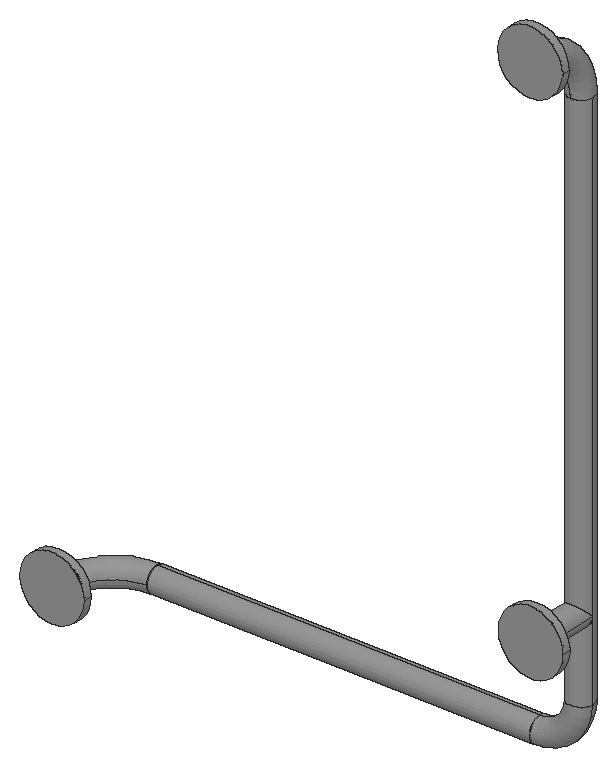
Revit family "GS326186D", category Generic Models, host Wall, Revit 2016
Family settings
  Host = Wall
  Part Type = Normal
  Can host rebar = No
  Round Connector Dimension = Use Diameter
  Always vertical = Yes
  Cut with Voids When Loaded = No
  Shared = No
  Room Calculation Point = No
Parameters (values of type "Barra derecha")
  URL = "www.grupochc.cl"
  Type Image = GS326186D.jpg
  Model = "GS326186D"
  Material = Stainless Steel, Polished
  Manufacturer = "CHC"
  Description = "Barras impedidos angular fijo al muro, fabricadas en tubos acero inoxidable 1 1/4\" tipo 304(18-8), terminacion pulida."
  Assembly Code = "E2010"
Reference planes
  plane 1 "Wall": y = 0
  plane 2 "Center (Left/Right)": x = 125
  plane 3 "Back": y = 75
Forms (mm)
  Extrusion 1, solid, material "Stainless Steel, Polished" <- "Material"
    sketch origin (0, 75, -437.049) x (1, 0, 0) y (0, 0, 1)
      loop
        circle (124.451, 2249.525) r 41
      loop
        circle (125.39, 1588.926) r 41
      loop
        circle (-482.81, 1436.926) r 41
    from 0 to -10
  Sweep 2, solid, material "Stainless Steel, Polished" <- "Material"
    path origin (-8599.61, 154.1, 1949.09) x (0, 0, 1) y (-1, 0, 0)
      loop
        line (-205.714, -8725) -> (-897.09, -8725)
        arc (-897.09, -8725) -> (-933.86, -8709.77) -> (-949.09, -8673) r 52
        line (-949.09, -8673) -> (-949.09, -8186.321)
    profile origin (125.39, 154.1, 1397.688) x (0, -1, 0) y (1, 0, 0)
      loop
        circle (0, 0) r 15.9
  Extrusion 3, solid, material "Stainless Steel, Polished" <- "Material"
    sketch origin (-8600, 154.1, 1949.09) x (0, 0, 1) y (-1, 0, 0)
      loop
        circle (-797.214, -8725.39) r 15.9
    from 0 to 69.1
  Sweep 4, solid, material "Stainless Steel, Polished" <- "Material"
    path origin (-8595.211, 75, 1000) x (-1, 0, 0) y (0, -1, 0)
      loop
        arc (-8181.922, -79.1) -> (-8133.06, -58.861) -> (-8112.822, -10) r 69.1
    profile origin (-462.151, 133.861, 1000) x (0.707107, -0.707107, 0) y (0, 0, 1)
      loop
        circle (0, 0) r 15.9
  Sweep 5, solid, material "Stainless Steel, Polished" <- "Material"
    path origin (125.39, 75, 3562.951) x (0, -1, 0) y (0, 0, 1)
      loop
        arc (-79.1, -1819.575) -> (-58.861, -1770.714) -> (-10, -1750.475) r 69.1
    profile origin (125.39, 133.861, 1792.237) x (0, 0.707107, 0.707107) y (-1, 0, 0)
      loop
        circle (0, 0) r 15.9
  Extrusion 6, solid, material "Stainless Steel, Polished" <- "Material", not visible
    sketch origin (0, 75, -1437.049) x (1, 0, 0) y (0, 0, 1)
      loop
        circle (124.451, 2249.525) r 41
      loop
        circle (125.39, 1588.926) r 41
      loop
        circle (-482.81, 1436.926) r 41
    from 0 to -10
  Sweep 7, solid, material "Stainless Steel, Polished" <- "Material", not visible
    path origin (-8599.61, 154.1, 949.09) x (0, 0, 1) y (-1, 0, 0)
      loop
        line (-205.714, -8725) -> (-897.09, -8725)
        arc (-897.09, -8725) -> (-933.86, -8709.77) -> (-949.09, -8673) r 52
        line (-949.09, -8673) -> (-949.09, -8186.321)
    profile origin (125.39, 154.1, 397.688) x (0, -1, 0) y (1, 0, 0)
      loop
        circle (0, 0) r 15.9
  Extrusion 8, solid, material "Stainless Steel, Polished" <- "Material", not visible
    sketch origin (-8600, 154.1, 949.09) x (0, 0, 1) y (-1, 0, 0)
      loop
        circle (-797.214, -8725.39) r 15.9
    from 0 to 69.1
  Sweep 9, solid, material "Stainless Steel, Polished" <- "Material", not visible
    path origin (-8595.211, 75, 0) x (-1, 0, 0) y (0, -1, 0)
      loop
        arc (-8181.922, -79.1) -> (-8133.06, -58.861) -> (-8112.822, -10) r 69.1
    profile origin (-462.151, 133.861, 0) x (0.707107, -0.707107, 0) y (0, 0, 1)
      loop
        circle (0, 0) r 15.9
  Sweep 10, solid, material "Stainless Steel, Polished" <- "Material", not visible
    path origin (125.39, 75, 2562.951) x (0, -1, 0) y (0, 0, 1)
      loop
        arc (-79.1, -1819.575) -> (-58.861, -1770.714) -> (-10, -1750.475) r 69.1
    profile origin (125.39, 133.861, 792.237) x (0, 0.707107, 0.707107) y (-1, 0, 0)
      loop
        circle (0, 0) r 15.9
Lines and regions (mm)
  model lines
    curve 1: arc (125, 154.1, 1052) -> (109.77, 154.1, 1015.23) -> (73, 154.1, 1000) r 52
    curve 2: arc (-441.81, 75, 999.877) -> (-482.81, 75, 1040.877) -> (-523.81, 75, 999.877) r 41
    curve 3: arc (-523.81, 75, 999.877) -> (-482.81, 75, 958.877) -> (-441.81, 75, 999.877) r 41
    curve 4: arc (84.39, 75, 1151.877) -> (125.39, 75, 1110.877) -> (166.39, 75, 1151.877) r 41
    curve 5: arc (166.39, 75, 1151.877) -> (125.39, 75, 1192.877) -> (84.39, 75, 1151.877) r 41
    curve 6: arc (165.451, 75, 1812.476) -> (124.451, 75, 1853.476) -> (83.451, 75, 1812.476) r 41
    curve 7: arc (83.451, 75, 1812.476) -> (124.451, 75, 1771.476) -> (165.451, 75, 1812.476) r 41
    curve 8: line (125, 85, 1151.877) -> (125, 154.1, 1151.877)
  model lines, not visible
    curve 9: arc (125, 154.1, 52) -> (109.77, 154.1, 15.23) -> (73, 154.1, 0) r 52
    curve 10: arc (-441.81, 75, -0.123) -> (-482.81, 75, 40.877) -> (-523.81, 75, -0.123) r 41
    curve 11: arc (-523.81, 75, -0.123) -> (-482.81, 75, -41.123) -> (-441.81, 75, -0.123) r 41
    curve 12: arc (84.39, 75, 151.877) -> (125.39, 75, 110.877) -> (166.39, 75, 151.877) r 41
    curve 13: arc (166.39, 75, 151.877) -> (125.39, 75, 192.877) -> (84.39, 75, 151.877) r 41
    curve 14: arc (165.451, 75, 812.476) -> (124.451, 75, 853.476) -> (83.451, 75, 812.476) r 41
    curve 15: arc (83.451, 75, 812.476) -> (124.451, 75, 771.476) -> (165.451, 75, 812.476) r 41
    curve 16: line (125, 85, 151.877) -> (125, 154.1, 151.877)
Text (mm)
  text "Placement Side" at (-1848.837, 1116.779, 0), in view "Ref. Level"
  text "Placement side" at (0, 1409.804, 2854.306), in view "Left"
  text "Placement side" at (0, 499.811, 2980.732), in view "Right"
Dimensions and locks
  locked: plane 3 "Back" to host wall
  aligned and locked: plane 1 "Wall" to host wall
